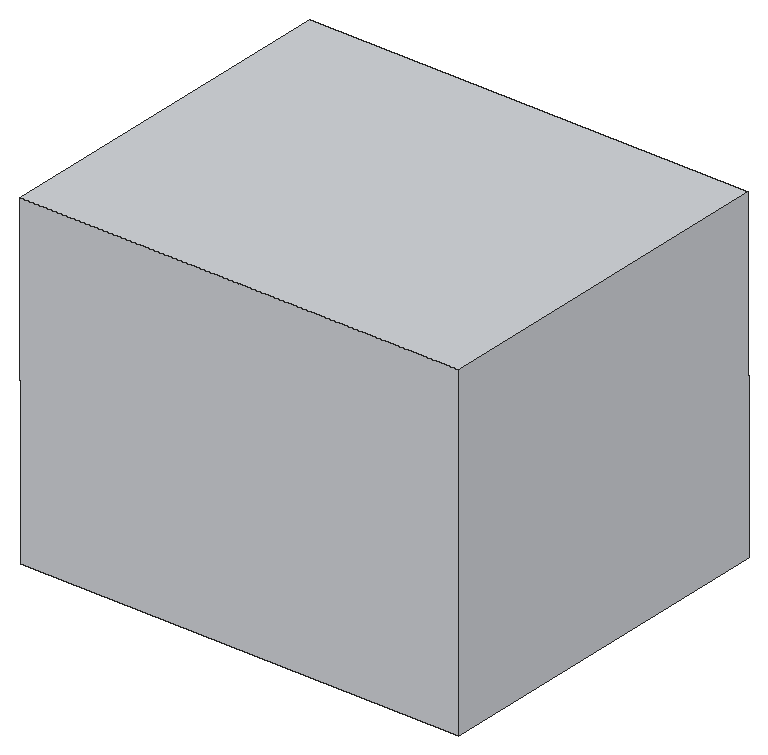
Revit family
Parameters
  Warranty Duration (Years) = 0
  Unit Width [instance] = 2' - 2"
  Unit Height [instance] = 0' - 0"
  Unit Depth = 0' - 0"
  URL = "http://www.americanspecialties.com/viewCategories.cfm"
  Trim Material = Metal - Stainless Steel
  Test Data = ""
  Specification = "http://www.arcat.com/sdspecs/htm/10810asi.htm"
  SpecWizard = ""
  Send Message = "http://www.arcat.com/users.pl?action=UserEmail&company=American%20Specialties,%20Inc.&coid=30448&rep=139&fax=914-476-0688&mf="
  Sales Information = "http://www.americanspecialties.com/contact"
  Revision = "R1_10-2010"
  Product Properties = "http://www.americanspecialties.com/datasheets/13071.pdf"
  Product Data = "http://www.arcat.com/arcatcos/cos30/arc30448.html"
  Model = "As Specified in 10 28 13"
  Manufacturer Website = "http://www.americanspecialties.com/viewCategories.cfm"
  Manufacturer Phone - Toll Free = ""
  Manufacturer Phone = "914-476-9000 "
  Manufacturer Fax = "914-476-0688"
  Manufacturer Address = "441 Saw Mill River Rd., Yonkers, NY 10701"
  Manufacturer = "American Specialties, Inc."
  Maintenance Schedule (Months) = 0
  Keynote = "10 28 13"
  Installation-Fabrication = "http://www.americanspecialties.com/products.cfm"
  HOOK [instance] = Unit Width / 0' 10"  # 3
  Green Building-LEED = ""
  Expected Lifespan (Years) = 0
  Drawn By = "Robert S. Weygant. CSI, CDT, SCIP"  # constant formula
  Description = "Toilet Accessory as Specified in 10 28 13"
  Default Elevation = 4' - 0"
  Copyright = "©Arcat Inc."
  Construction Details = "http://www.arcat.com/green/clients/leed_data_30448.html"
  Building Codes = "http://www.americanspecialties.com/products.cfm"
  Body Material = Metal - Stainless Steel
  Assembly Code = "C1030210"
Reference planes (in)
  plane 1 "Center (Front/Back)": y = -0.29112
  plane 2 "Floor Line": z = 0
  plane 3 "Center (Left/Right)": x = -0.65843
Forms (in)
  Extrusion 1, solid
    sketch origin (-3, -9, -6) x (0, 0, -1) y (1, 0, 0)
      loop
        line (-82, 70.90407) -> (-82, -30.68952) -> (-6, -30.68952) -> (-6, 70.90407) -> (-82, 70.90407)
    from 21.22862 to -62.75334
  Extrusion 2, solid, material "Metal - Stainless Steel" <- "Body Material"
    sketch origin (13.87847, 0, 0) x (0, 1, 0) y (0, 0, 1)
      loop
        line (1.70888, 0.5) -> (-2.29112, 0.5) -> (-2.29112, 0) -> (-2.22862, 0) -> (-2.22862, 0.4375) -> (1.64638, 0.4375) -> (1.64638, 0) -> (1.70888, 0) -> (1.70888, 0.5)
    from 11.4631 to -14.5369
  Extrusion 3, solid, material "Metal - Stainless Steel" <- "Body Material"
    sketch origin (-1.72093, -6.85117, 20.32125) x (0, -1, 0) y (0, 0, 1)
      loop
        line (-12.93505, -18.82102) -> (-11.32924, -18.82102) -> (-10.07896, -19.82125) -> (-5.08481, -19.82125)
        arc (-5.08481, -19.82125) -> (-3.99168, -19.48705) -> (-3.27232, -18.59873) r 1.95484
        arc (-3.27232, -18.59873) -> (-3.35658, -18.10216) -> (-3.64071, -17.6863) r 1.17688
        line (-3.64071, -17.6863) -> (-3.94, -17.63352)
        arc (-3.94, -17.63352) -> (-4.08481, -17.73492) -> (-3.98341, -17.87972) r 0.125
        line (-3.98341, -17.87972) -> (-3.7626, -17.91866)
        arc (-3.7626, -17.91866) -> (-3.58307, -18.20925) -> (-3.52099, -18.54513) r 0.92688
        arc (-3.52099, -18.54513) -> (-4.14966, -19.29166) -> (-5.08481, -19.57102) r 1.70484
        line (-5.08481, -19.57102) -> (-9.99154, -19.57102) -> (-11.24154, -18.57102) -> (-12.93505, -18.57102)
        arc (-12.93505, -18.57102) -> (-13.06005, -18.69602) -> (-12.93505, -18.82102) r 0.125
    from -3.625 to -4.5
  Extrusion 4, solid, material "Metal - Stainless Steel" <- "Trim Material"
    sketch origin (0, 0, 0) x (1, 0, 0) y (0, 1, 0)
      loop
        circle (-0.03343, -0.29112) r 0.21875
      loop
        circle (24.71657, -0.29112) r 0.21875
    from 0.51695 to 0.4375
  Extrusion 5, solid, not visible
    sketch origin (0, 0, 0) x (1, 0, 0) y (0, 1, 0)
      loop
        circle (12.34157, -0.29112) r 0.21875
    from 0.4375 to 0.51695
  Extrusion 6, solid, material "Metal - Stainless Steel" <- "Trim Material"
    sketch origin (0, 0, 0) x (1, 0, 0) y (0, 1, 0)
      loop
        circle (2.34157, -0.57886) r 0.21875
      loop
        circle (2.34157, 1.42114) r 0.21875
    from 0.75022 to 0.5
  Extrusion 7, solid, material "Metal - Stainless Steel" <- "Body Material"
    sketch origin (8.27907, -6.85117, 20.32125) x (0, -1, 0) y (0, 0, 1)
      loop
        line (-12.93505, -18.82102) -> (-11.32924, -18.82102) -> (-10.07896, -19.82125) -> (-5.08481, -19.82125)
        arc (-5.08481, -19.82125) -> (-3.99168, -19.48705) -> (-3.27232, -18.59873) r 1.95484
        arc (-3.27232, -18.59873) -> (-3.35658, -18.10216) -> (-3.64071, -17.6863) r 1.17688
        line (-3.64071, -17.6863) -> (-3.94, -17.63352)
        arc (-3.94, -17.63352) -> (-4.08481, -17.73492) -> (-3.98341, -17.87972) r 0.125
        line (-3.98341, -17.87972) -> (-3.7626, -17.91866)
        arc (-3.7626, -17.91866) -> (-3.58307, -18.20925) -> (-3.52099, -18.54513) r 0.92688
        arc (-3.52099, -18.54513) -> (-4.14966, -19.29166) -> (-5.08481, -19.57102) r 1.70484
        line (-5.08481, -19.57102) -> (-9.99154, -19.57102) -> (-11.24154, -18.57102) -> (-12.93505, -18.57102)
        arc (-12.93505, -18.57102) -> (-13.06005, -18.69602) -> (-12.93505, -18.82102) r 0.125
    from -3.625 to -4.5
  Extrusion 8, solid, material "Metal - Stainless Steel" <- "Trim Material"
    sketch origin (10, 0, 0) x (1, 0, 0) y (0, 1, 0)
      loop
        circle (2.34157, -0.57886) r 0.21875
      loop
        circle (2.34157, 1.42114) r 0.21875
    from 0.75022 to 0.5
  Extrusion 9, solid, material "Metal - Stainless Steel" <- "Body Material"
    sketch origin (18.27907, -6.85117, 20.32125) x (0, -1, 0) y (0, 0, 1)
      loop
        line (-12.93505, -18.82102) -> (-11.32924, -18.82102) -> (-10.07896, -19.82125) -> (-5.08481, -19.82125)
        arc (-5.08481, -19.82125) -> (-3.99168, -19.48705) -> (-3.27232, -18.59873) r 1.95484
        arc (-3.27232, -18.59873) -> (-3.35658, -18.10216) -> (-3.64071, -17.6863) r 1.17688
        line (-3.64071, -17.6863) -> (-3.94, -17.63352)
        arc (-3.94, -17.63352) -> (-4.08481, -17.73492) -> (-3.98341, -17.87972) r 0.125
        line (-3.98341, -17.87972) -> (-3.7626, -17.91866)
        arc (-3.7626, -17.91866) -> (-3.58307, -18.20925) -> (-3.52099, -18.54513) r 0.92688
        arc (-3.52099, -18.54513) -> (-4.14966, -19.29166) -> (-5.08481, -19.57102) r 1.70484
        line (-5.08481, -19.57102) -> (-9.99154, -19.57102) -> (-11.24154, -18.57102) -> (-12.93505, -18.57102)
        arc (-12.93505, -18.57102) -> (-13.06005, -18.69602) -> (-12.93505, -18.82102) r 0.125
    from -3.625 to -4.5
  Extrusion 10, solid, material "Metal - Stainless Steel" <- "Trim Material"
    sketch origin (20, 0, 0) x (1, 0, 0) y (0, 1, 0)
      loop
        circle (2.34157, -0.57886) r 0.21875
      loop
        circle (2.34157, 1.42114) r 0.21875
    from 0.75022 to 0.5
Dimensions and locks (in)
  equal spacing: Extrusion 4, Extrusion 5 sketch curve, Extrusion 4
  "Unit Width": Extrusion 2 to Extrusion 2
  locked: Extrusion 2 to Extrusion 3 at 2.5625
  locked: Extrusion 4 sketch curve to Extrusion 2 at 0.625
  locked: Extrusion 2 to Extrusion 4 sketch curve at 0.625
  equal spacing: group 1, group 2, group 3  (x3)
  aligned and locked: Extrusion 1 to level
  aligned and locked: Extrusion 2 to plane 3 "Center (Left/Right)"
  aligned and locked: Extrusion 3 to Extrusion 6  (x2)
  aligned and locked: Extrusion 7 to Extrusion 8  (x2)
  aligned and locked: Extrusion 9 to Extrusion 10  (x2)
Automatic sketch dimensions
  Extrusion 1 sketch curve to Extrusion 1 sketch curve = 6' - 4"
  Extrusion 1 sketch curve to Extrusion 1 sketch curve = 8' - 5.59358"
  Extrusion 2 sketch curve to level = 0' - 0"  (x2)
  level to Extrusion 2 sketch curve = 0' - 0 1/2"
  plane 1 "Center (Front/Back)" to Extrusion 2 sketch curve = 0' - 2"
  Extrusion 2 sketch curve to Extrusion 2 sketch curve = 0' - 0 1/16"  (x3)
  Extrusion 2 sketch curve to plane 1 "Center (Front/Back)" = 0' - 1 15/16"
  Extrusion 3 sketch curve to Extrusion 3 sketch curve = 0' - 0"  (x5)
  Extrusion 3 sketch curve to Extrusion 3 sketch curve = 0' - 1.60581"
  Extrusion 3 sketch curve to Extrusion 3 sketch curve = 0' - 0.0877"
  Extrusion 3 sketch curve to Extrusion 3 sketch curve = 0' - 1.25028"
  Extrusion 3 sketch curve to Extrusion 3 sketch curve = 0' - 0.08742"
  Extrusion 3 sketch curve to Extrusion 3 sketch curve = 0' - 0.63694"
  Extrusion 3 sketch curve to Extrusion 3 sketch curve = 0' - 0.46445"
  Extrusion 3 sketch curve to Extrusion 3 sketch curve = 0' - 0.02171"  (x2)
  Extrusion 3 sketch curve to Extrusion 3 sketch curve = 0' - 0.22082"
  Extrusion 3 sketch curve to Extrusion 3 sketch curve = 0' - 0.12189"
  Extrusion 3 sketch curve to Extrusion 3 sketch curve = 0' - 0.24161"
  Extrusion 3 sketch curve to Extrusion 3 sketch curve = 0' - 0.24867"
  Extrusion 3 sketch curve to Extrusion 3 sketch curve = 0' - 0 1/8"
  Extrusion 3 sketch curve to Extrusion 3 sketch curve = 0' - 0.0536"
  Extrusion 3 sketch curve to Extrusion 3 sketch curve = 0' - 0.00236"
  Extrusion 3 sketch curve to Extrusion 3 sketch curve = 0' - 0.03894"
  Extrusion 3 sketch curve to Extrusion 3 sketch curve = 0' - 0.1231"
  Extrusion 4 sketch curve to plane 1 "Center (Front/Back)" = 0' - 0"  (x2)
  Extrusion 5 sketch curve to plane 1 "Center (Front/Back)" = 0' - 0"
  Extrusion 6 sketch curve to Extrusion 6 sketch curve = 0' - 0"
  Extrusion 3 sketch curve to Extrusion 3 sketch curve = 0' - 4.90674"
  Extrusion 3 sketch curve to Extrusion 3 sketch curve = 0' - 0.25022"
  Extrusion 3 sketch curve to Extrusion 3 sketch curve = 0' - 0 3/4"
  Extrusion 3 sketch curve to Extrusion 3 sketch curve = 0' - 0.97229"
  Extrusion 6 sketch curve to Extrusion 6 sketch curve = 0' - 2"
  Extrusion 7 sketch curve to Extrusion 7 sketch curve = 0' - 0"  (x5)
  Extrusion 7 sketch curve to Extrusion 7 sketch curve = 0' - 1.60581"
  Extrusion 7 sketch curve to Extrusion 7 sketch curve = 0' - 0.0877"
  Extrusion 7 sketch curve to Extrusion 7 sketch curve = 0' - 1.25028"
  Extrusion 7 sketch curve to Extrusion 7 sketch curve = 0' - 0.08742"
  Extrusion 7 sketch curve to Extrusion 7 sketch curve = 0' - 0.63694"
  Extrusion 7 sketch curve to Extrusion 7 sketch curve = 0' - 0.46445"
  Extrusion 7 sketch curve to Extrusion 7 sketch curve = 0' - 0.02171"  (x2)
  Extrusion 7 sketch curve to Extrusion 7 sketch curve = 0' - 0.22082"
  Extrusion 7 sketch curve to Extrusion 7 sketch curve = 0' - 0.12189"
  Extrusion 7 sketch curve to Extrusion 7 sketch curve = 0' - 0.24161"
  Extrusion 7 sketch curve to Extrusion 7 sketch curve = 0' - 0.24867"
  Extrusion 7 sketch curve to Extrusion 7 sketch curve = 0' - 0 1/8"
  Extrusion 7 sketch curve to Extrusion 7 sketch curve = 0' - 0.0536"
  Extrusion 7 sketch curve to Extrusion 7 sketch curve = 0' - 0.00236"
  Extrusion 7 sketch curve to Extrusion 7 sketch curve = 0' - 0.03894"
  Extrusion 7 sketch curve to Extrusion 7 sketch curve = 0' - 0.1231"
  Extrusion 8 sketch curve to Extrusion 8 sketch curve = 0' - 0"
  Extrusion 7 sketch curve to Extrusion 7 sketch curve = 0' - 4.90674"
  Extrusion 7 sketch curve to Extrusion 7 sketch curve = 0' - 0.25022"
  Extrusion 7 sketch curve to Extrusion 7 sketch curve = 0' - 0 3/4"
  Extrusion 7 sketch curve to Extrusion 7 sketch curve = 0' - 0.97229"
  Extrusion 8 sketch curve to Extrusion 8 sketch curve = 0' - 2"
  Extrusion 9 sketch curve to Extrusion 9 sketch curve = 0' - 0"  (x5)
  Extrusion 9 sketch curve to Extrusion 9 sketch curve = 0' - 1.60581"
  Extrusion 9 sketch curve to Extrusion 9 sketch curve = 0' - 0.0877"
  Extrusion 9 sketch curve to Extrusion 9 sketch curve = 0' - 1.25028"
  Extrusion 9 sketch curve to Extrusion 9 sketch curve = 0' - 0.08742"
  Extrusion 9 sketch curve to Extrusion 9 sketch curve = 0' - 0.63694"
  Extrusion 9 sketch curve to Extrusion 9 sketch curve = 0' - 0.46445"
  Extrusion 9 sketch curve to Extrusion 9 sketch curve = 0' - 0.02171"  (x2)
  Extrusion 9 sketch curve to Extrusion 9 sketch curve = 0' - 0.22082"
  Extrusion 9 sketch curve to Extrusion 9 sketch curve = 0' - 0.12189"
  Extrusion 9 sketch curve to Extrusion 9 sketch curve = 0' - 0.24161"
  Extrusion 9 sketch curve to Extrusion 9 sketch curve = 0' - 0.24867"
  Extrusion 9 sketch curve to Extrusion 9 sketch curve = 0' - 0 1/8"
  Extrusion 9 sketch curve to Extrusion 9 sketch curve = 0' - 0.0536"
  Extrusion 9 sketch curve to Extrusion 9 sketch curve = 0' - 0.00236"
  Extrusion 9 sketch curve to Extrusion 9 sketch curve = 0' - 0.03894"
  Extrusion 9 sketch curve to Extrusion 9 sketch curve = 0' - 0.1231"
  Extrusion 10 sketch curve to Extrusion 10 sketch curve = 0' - 0"
  Extrusion 9 sketch curve to Extrusion 9 sketch curve = 0' - 4.90674"
  Extrusion 9 sketch curve to Extrusion 9 sketch curve = 0' - 0.25022"
  Extrusion 9 sketch curve to Extrusion 9 sketch curve = 0' - 0 3/4"
  Extrusion 9 sketch curve to Extrusion 9 sketch curve = 0' - 0.97229"
  Extrusion 10 sketch curve to Extrusion 10 sketch curve = 0' - 2"
  radius of Extrusion 4 sketch curve = 0' - 0 7/32"  (x2)
  radius of Extrusion 5 sketch curve = 0' - 0 7/32"
  radius of Extrusion 6 sketch curve = 0' - 0 7/32"  (x2)
  radius of Extrusion 8 sketch curve = 0' - 0 7/32"  (x2)
  radius of Extrusion 10 sketch curve = 0' - 0 7/32"  (x2)
